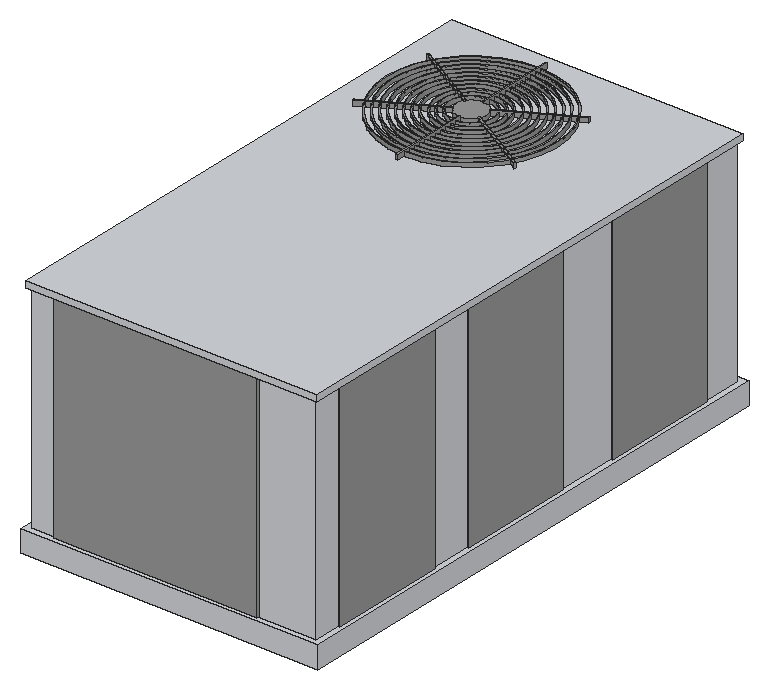
Revit family "RTU-2", category Mechanical Equipment, host Face, Revit 2025
Family settings
  Host = Face
  Round Connector Dimension = Use Diameter
  Classification = None
  Part Type = Normal
  Cut with Voids When Loaded = No
  Maintain Annotation Orientation = No
  Shared = No
  Room Calculation Point = No
Parameters (values of type "LCH 072 H4E E 1Y")
  Width = 47"
  URL = "https://tech.lennoxintl.com/C03e7o14l/VIu12Ch2uV/ehb_lch_abox_2103.pdf"
  Model = "LCH 072 H4E E 1Y"
  Manufacturer = "LENNOX"
  Length = 85 1/4"
  Grill Material = Steel, Paint Finish, Dark Gray
  Default Elevation = 48"
Reference planes (in)
  plane 1 "Center (Front/Back)": y = 0
  plane 2: z = 0
  plane 3 "Center (Left/Right)": x = 0
  plane 4: x = -30.90625
  plane 5: x = -31.90625
  plane 6: x = -32.90625
  plane 7: x = -33.90625
  plane 8: x = -34.90625
  plane 9: x = -35.90625
  plane 10: x = -36.90625
  plane 11: x = -37.90625
  plane 12: x = -38.90625
  plane 13: x = -39.90625
  plane 14: x = -40.90625
  plane 15: x = -42.34375
  plane 16: x = -41.03125
  plane 17: x = -41.90625
  plane 18: x = -41.90567
  plane 19: y = 22.75058
  plane 20: y = 21.75058
  plane 21: y = 20.75058
  plane 22: y = 19.75058
  plane 23: y = 18.75058
  plane 24: y = 17.75058
  plane 25: y = 16.75058
  plane 26: y = 15.75058
  plane 27: y = 14.75058
  plane 28: y = 13.75058
  plane 29: y = 12.75058
  plane 30: y = 11.31308
  plane 31: y = 12.62558
  plane 32: y = 11.75058
  plane 33: y = 11.75117
  plane 34: through (-19.01548, 19.50279, 94.70355) normal (0.866, 0.5, 0)
  plane 35: through (-17.13782, 18.87558, 94.70355) normal (-0.866, -0.5, 0)
  plane 36: through (6.39048, 19.50279, 94.70355) normal (0.866, -0.5, 0)
  plane 37: through (4.51282, 18.87558, 94.70355) normal (-0.866, 0.5, 0)
  plane 38: y = 38.93808
  plane 39: y = 37.62558
  plane 40: through (-19.01548, 30.74838, 94.70355) normal (-0.866, 0.5, 0)
  plane 41: through (-17.13782, 31.37558, 94.70355) normal (0.866, -0.5, 0)
  plane 42: through (6.39048, 30.74838, 94.70355) normal (-0.866, -0.5, 0)
  plane 43: through (4.51282, 31.37558, 94.70355) normal (0.866, 0.5, 0)
  plane 44: through (-34.15405, 50.35923, 110.75) normal (0.5, -0.866, 0)
  plane 45: through (-34.78125, 48.48157, 110.75) normal (-0.5, 0.866, 0)
  plane 46: through (-34.15405, 24.95327, 110.75) normal (-0.5, -0.866, 0)
  plane 47: through (-34.78125, 26.83093, 110.75) normal (0.5, 0.866, 0)
  plane 48: x = -14.71875
  plane 49: x = -16.03125
  plane 50: through (-22.90845, 50.35923, 110.75) normal (0.5, 0.866, 0)
  plane 51: through (-22.28125, 48.48157, 110.75) normal (-0.5, -0.866, 0)
  plane 52: through (-22.90845, 24.95327, 110.75) normal (-0.5, 0.866, 0)
  plane 53: through (-22.28125, 26.83093, 110.75) normal (0.5, -0.866, 0)
  plane 54: y = 16.875
  plane 55: x = 14
  plane 56: y = -16.125
  plane 57: x = 16.875
  plane 58: y = -1.875
  plane 59: x = -8.5
  plane 60: y = -32.875
  plane 61: x = -4
Forms (in)
  Extrusion 1, solid
    sketch origin (0, 0, 0) x (1, 0, 0) y (0, 1, 0)
      loop
        line (-23.5, 42.625) -> (-23.5, -42.625) -> (23.5, -42.625) -> (23.5, 42.625) -> (-23.5, 42.625)
    from 0 to 3.5
  Extrusion 2, solid, material "Steel, Paint Finish, Dark Gray" <- "Grill Material", not visible
    sketch origin (0, 0, 54.625) x (1, 0, 0) y (0, 1, 0)
      loop
        circle (-28.53125, 37.65625) r 2.375
      loop
        circle (-28.53125, 37.65625) r 3.375
      loop
        circle (-28.53125, 37.65625) r 3.5
      loop
        circle (-28.53125, 37.65625) r 4.375
      loop
        circle (-28.53125, 37.65625) r 5.25
      loop
        circle (-28.53125, 37.65625) r 4.5
      loop
        circle (-28.53125, 37.65625) r 5.375
      loop
        circle (-28.53125, 37.65625) r 6.375
      loop
        circle (-28.53125, 37.65625) r 7.375
      loop
        circle (-28.53125, 37.65625) r 9.375
      loop
        circle (-28.53125, 37.65625) r 10.375
      loop
        circle (-28.53125, 37.65625) r 11.375
      loop
        circle (-28.53125, 37.65625) r 12.375
      loop
        circle (-28.53125, 37.65625) r 12.5
      loop
        circle (-28.53125, 37.65625) r 7.5
      loop
        circle (-28.53125, 37.65625) r 9.5
      loop
        circle (-28.53125, 37.65625) r 10.5
      loop
        circle (-28.53125, 37.65625) r 11.5
      loop
        circle (-28.53125, 37.65625) r 8.375
      loop
        circle (-28.53125, 37.65625) r 8.5
      loop
        circle (-28.53125, 37.65625) r 6.5
      loop
        circle (-28.53125, 37.65625) r 13.375
      loop
        circle (-28.53125, 37.65625) r 13.5
    from 0 to 0.625
  Extrusion 3, solid, material "Steel, Paint Finish, Dark Gray" <- "Grill Material", not visible
    sketch origin (0, 0, 55.75) x (1, 0, 0) y (0, 1, 0)
      loop
        line (-43.28067, 37.78125) -> (-43.28067, 37.53125) -> (-30.90296, 37.53125)
        arc (-30.90296, 37.53125) -> (-30.90543, 37.59373) -> (-30.90625, 37.65625) r 2.375
        arc (-30.90625, 37.65625) -> (-30.90543, 37.71877) -> (-30.90296, 37.78125) r 2.375
        line (-30.90296, 37.78125) -> (-43.28067, 37.78125)
    from -1.125 to -0.3427
  Extrusion 4, solid, material "Steel, Paint Finish, Dark Gray" <- "Grill Material"
    sketch origin (31.34375, 53.65683, 38.57855) x (0, 1, 0) y (-1, 0, 0)
      loop
        circle (-28.53125, 37.65625) r 2.375
      loop
        circle (-28.53125, 37.65625) r 3.375
      loop
        circle (-28.53125, 37.65625) r 3.5
      loop
        circle (-28.53125, 37.65625) r 4.375
      loop
        circle (-28.53125, 37.65625) r 5.25
      loop
        circle (-28.53125, 37.65625) r 4.5
      loop
        circle (-28.53125, 37.65625) r 5.375
      loop
        circle (-28.53125, 37.65625) r 6.375
      loop
        circle (-28.53125, 37.65625) r 7.375
      loop
        circle (-28.53125, 37.65625) r 9.375
      loop
        circle (-28.53125, 37.65625) r 10.375
      loop
        circle (-28.53125, 37.65625) r 11.375
      loop
        circle (-28.53125, 37.65625) r 12.375
      loop
        circle (-28.53125, 37.65625) r 12.5
      loop
        circle (-28.53125, 37.65625) r 7.5
      loop
        circle (-28.53125, 37.65625) r 9.5
      loop
        circle (-28.53125, 37.65625) r 10.5
      loop
        circle (-28.53125, 37.65625) r 11.5
      loop
        circle (-28.53125, 37.65625) r 8.375
      loop
        circle (-28.53125, 37.65625) r 8.5
      loop
        circle (-28.53125, 37.65625) r 6.5
      loop
        circle (-28.53125, 37.65625) r 13.375
      loop
        circle (-28.53125, 37.65625) r 13.5
    from 0 to 0.625
  Extrusion 5, solid, material "Steel, Paint Finish, Dark Gray" <- "Grill Material"
    sketch origin (31.34375, 53.65683, 39.70355) x (0, 1, 0) y (-1, 0, 0)
      loop
        line (-43.28067, 37.78125) -> (-43.28067, 37.53125) -> (-30.90296, 37.53125)
        arc (-30.90296, 37.53125) -> (-30.90543, 37.59373) -> (-30.90625, 37.65625) r 2.375
        arc (-30.90625, 37.65625) -> (-30.90543, 37.71877) -> (-30.90296, 37.78125) r 2.375
        line (-30.90296, 37.78125) -> (-43.28067, 37.78125)
    from -1.125 to -0.3427
  Extrusion 6, solid, material "Steel, Paint Finish, Dark Gray" <- "Grill Material"
    sketch origin (37.22441, 6.77994, 39.70355) x (0.866025, 0.5, 0) y (-0.5, 0.866025, 0)
      loop
        line (-43.28067, 37.78125) -> (-43.28067, 37.53125) -> (-30.90296, 37.53125)
        arc (-30.90296, 37.53125) -> (-30.90543, 37.59373) -> (-30.90625, 37.65625) r 2.375
        arc (-30.90625, 37.65625) -> (-30.90543, 37.71877) -> (-30.90296, 37.78125) r 2.375
        line (-30.90296, 37.78125) -> (-43.28067, 37.78125)
    from -1.125 to -0.3427
  Extrusion 7, solid, material "Steel, Paint Finish, Dark Gray" <- "Grill Material"
    sketch origin (-49.84941, 6.77994, 39.70355) x (-0.866025, 0.5, 0) y (-0.5, -0.866025, 0)
      loop
        line (-43.28067, -37.78125) -> (-30.90296, -37.78125)
        arc (-30.90296, -37.78125) -> (-30.90543, -37.71877) -> (-30.90625, -37.65625) r 2.375
        arc (-30.90625, -37.65625) -> (-30.90543, -37.59373) -> (-30.90296, -37.53125) r 2.375
        line (-30.90296, -37.53125) -> (-43.28067, -37.53125) -> (-43.28067, -37.78125)
    from -1.125 to -0.3427
  Extrusion 8, solid, material "Steel, Paint Finish, Dark Gray" <- "Grill Material"
    sketch origin (31.34375, -3.40567, 39.70355) x (0, -1, 0) y (1, 0, 0)
      loop
        line (-43.28067, -37.78125) -> (-30.90296, -37.78125)
        arc (-30.90296, -37.78125) -> (-30.90543, -37.71877) -> (-30.90625, -37.65625) r 2.375
        arc (-30.90625, -37.65625) -> (-30.90543, -37.59373) -> (-30.90296, -37.53125) r 2.375
        line (-30.90296, -37.53125) -> (-43.28067, -37.53125) -> (-43.28067, -37.78125)
    from -1.125 to -0.3427
  Extrusion 9, solid, material "Steel, Paint Finish, Dark Gray" <- "Grill Material"
    sketch origin (37.22441, 43.47123, 39.70355) x (0.866025, -0.5, 0) y (0.5, 0.866025, 0)
      loop
        line (-43.28067, -37.78125) -> (-30.90296, -37.78125)
        arc (-30.90296, -37.78125) -> (-30.90543, -37.71877) -> (-30.90625, -37.65625) r 2.375
        arc (-30.90625, -37.65625) -> (-30.90543, -37.59373) -> (-30.90296, -37.53125) r 2.375
        line (-30.90296, -37.53125) -> (-43.28067, -37.53125) -> (-43.28067, -37.78125)
    from -1.125 to -0.3427
  Extrusion 10, solid, material "Steel, Paint Finish, Dark Gray" <- "Grill Material"
    sketch origin (-49.84941, 43.47123, 39.70355) x (-0.866025, -0.5, 0) y (0.5, -0.866025, 0)
      loop
        line (-43.28067, 37.78125) -> (-43.28067, 37.53125) -> (-30.90296, 37.53125)
        arc (-30.90296, 37.53125) -> (-30.90543, 37.59373) -> (-30.90625, 37.65625) r 2.375
        arc (-30.90625, 37.65625) -> (-30.90543, 37.71877) -> (-30.90296, 37.78125) r 2.375
        line (-30.90296, 37.78125) -> (-43.28067, 37.78125)
    from -1.125 to -0.3427
  Extrusion 11, solid, material "Steel, Paint Finish, Dark Gray" <- "Grill Material", not visible
    sketch origin (-46.87689, -5.88066, 55.75) x (0.5, -0.866025, 0) y (0.866025, 0.5, 0)
      loop
        line (-43.28067, 37.78125) -> (-43.28067, 37.53125) -> (-30.90296, 37.53125)
        arc (-30.90296, 37.53125) -> (-30.90543, 37.59373) -> (-30.90625, 37.65625) r 2.375
        arc (-30.90625, 37.65625) -> (-30.90543, 37.71877) -> (-30.90296, 37.78125) r 2.375
        line (-30.90296, 37.78125) -> (-43.28067, 37.78125)
    from -1.125 to -0.3427
  Extrusion 12, solid, material "Steel, Paint Finish, Dark Gray" <- "Grill Material", not visible
    sketch origin (-46.87689, 81.19316, 55.75) x (0.5, 0.866025, 0) y (-0.866025, 0.5, 0)
      loop
        line (-43.28067, -37.78125) -> (-30.90296, -37.78125)
        arc (-30.90296, -37.78125) -> (-30.90543, -37.71877) -> (-30.90625, -37.65625) r 2.375
        arc (-30.90625, -37.65625) -> (-30.90543, -37.59373) -> (-30.90296, -37.53125) r 2.375
        line (-30.90296, -37.53125) -> (-43.28067, -37.53125) -> (-43.28067, -37.78125)
    from -1.125 to -0.3427
  Extrusion 13, solid, material "Steel, Paint Finish, Dark Gray" <- "Grill Material", not visible
    sketch origin (-57.0625, 0, 55.75) x (-1, 0, 0) y (0, -1, 0)
      loop
        line (-43.28067, -37.78125) -> (-30.90296, -37.78125)
        arc (-30.90296, -37.78125) -> (-30.90543, -37.71877) -> (-30.90625, -37.65625) r 2.375
        arc (-30.90625, -37.65625) -> (-30.90543, -37.59373) -> (-30.90296, -37.53125) r 2.375
        line (-30.90296, -37.53125) -> (-43.28067, -37.53125) -> (-43.28067, -37.78125)
    from -1.125 to -0.3427
  Extrusion 14, solid, material "Steel, Paint Finish, Dark Gray" <- "Grill Material", not visible
    sketch origin (-10.18561, -5.88066, 55.75) x (-0.5, -0.866025, 0) y (0.866025, -0.5, 0)
      loop
        line (-43.28067, -37.78125) -> (-30.90296, -37.78125)
        arc (-30.90296, -37.78125) -> (-30.90543, -37.71877) -> (-30.90625, -37.65625) r 2.375
        arc (-30.90625, -37.65625) -> (-30.90543, -37.59373) -> (-30.90296, -37.53125) r 2.375
        line (-30.90296, -37.53125) -> (-43.28067, -37.53125) -> (-43.28067, -37.78125)
    from -1.125 to -0.3427
  Extrusion 15, solid, material "Steel, Paint Finish, Dark Gray" <- "Grill Material", not visible
    sketch origin (-10.18561, 81.19316, 55.75) x (-0.5, 0.866025, 0) y (-0.866025, -0.5, 0)
      loop
        line (-43.28067, 37.78125) -> (-43.28067, 37.53125) -> (-30.90296, 37.53125)
        arc (-30.90296, 37.53125) -> (-30.90543, 37.59373) -> (-30.90625, 37.65625) r 2.375
        arc (-30.90625, 37.65625) -> (-30.90543, 37.71877) -> (-30.90296, 37.78125) r 2.375
        line (-30.90296, 37.78125) -> (-43.28067, 37.78125)
    from -1.125 to -0.3427
  Extrusion 16, solid
    sketch origin (0, 0, 0) x (1, 0, 0) y (0, 1, 0)
      loop
        line (-22.5, 41.625) -> (-22.5, -41.625) -> (22.5, -41.625) -> (22.5, 41.625) -> (-22.5, 41.625)
    from 3.5 to 37.57855
  Extrusion 17, void
    sketch origin (0, 0, 0) x (1, 0, 0) y (0, 1, 0)
      loop
        line (-18.5, 7.125) -> (-18.5, -10.875) -> (1.5, -10.875) -> (1.5, 7.125) -> (-18.5, 7.125)
      loop
        line (-19, -27.375) -> (-19, -38.375) -> (11, -38.375) -> (11, -27.375) -> (-19, -27.375)
      loop
        arc (13.5, 20.875) -> (12.79289, 20.58211) -> (12.5, 19.875) r 1
        line (12.5, 19.875) -> (12.5, 13.875)
        arc (12.5, 13.875) -> (12.79289, 13.16789) -> (13.5, 12.875) r 1
        line (13.5, 12.875) -> (14.5, 12.875)
        arc (14.5, 12.875) -> (15.20711, 13.16789) -> (15.5, 13.875) r 1
        line (15.5, 13.875) -> (15.5, 19.875)
        arc (15.5, 19.875) -> (15.20711, 20.58211) -> (14.5, 20.875) r 1
        line (14.5, 20.875) -> (13.5, 20.875)
      loop
        circle (16.875, -16.125) r 1
    from 0 to 3.5
  Extrusion 18, solid
    sketch origin (0, 0, 0) x (1, 0, 0) y (0, 1, 0)
      loop
        line (-23, 42.125) -> (-23, -42.125) -> (23, -42.125) -> (23, 42.125) -> (-23, 42.125)
    from 37.57855 to 38.57855
  Extrusion 19, void
    sketch origin (0, 0, 0) x (0, 1, 0) y (0, 0, 1)
      loop
        line (39.875, 37.57855) -> (10.75738, 37.57855) -> (10.75738, 3.5) -> (39.875, 3.5) -> (39.875, 37.57855)
    from -23.5 to -21.24899
Cuts and joins
  Extrusion 17, Extrusion 19 cuts Extrusion 1
  Extrusion 17, Extrusion 19 cuts Extrusion 16
  Extrusion 19 cuts Extrusion 18
Dimensions and locks (in)
  equal spacing: Extrusion 1 sketch curve, plane 1 "Center (Front/Back)", Extrusion 1 sketch curve
  equal spacing: Extrusion 1 sketch curve, plane 3 "Center (Left/Right)", Extrusion 1 sketch curve
  "Width": Extrusion 1 sketch curve to Extrusion 1 sketch curve
  "Length": Extrusion 1 sketch curve to Extrusion 1 sketch curve
  Extrusion 1 to Extrusion 17 sketch curve = 4 1/4"
  Extrusion 1 to Extrusion 17 sketch curve = 4 1/2"
  Extrusion 1 to Extrusion 17 sketch curve = 5"
  Extrusion 1 to plane 54 = 25 3/4"
  plane 55 to Extrusion 1 = 9 1/2"
  plane 57 to Extrusion 1 = 6 5/8"
  plane 56 to Extrusion 1 = 26 1/2"
  nested 5 to level = 5 1/2"
  nested 5 to Extrusion 18 = 2"
  nested 6 to nested 5 = 18 3/8"
  cut or joined group of Extrusion 16, Extrusion 17, Extrusion 19 to cut or joined group of Extrusion 16, Extrusion 17, Extrusion 19 = 29.11762"
  equal spacing: group 3, group 4, group 5, group 6, group 7, group 8, group 9, group 10, group 11, group 12, group 13, group 14, group 15, group 16, group 17, group 18, group 19, group 20, group 21  (x2)
  equal spacing: group 21, group 20, group 19, group 18, group 17, group 16, group 15, group 14, group 13, group 12, group 11, group 10, group 9, group 8, group 7, group 6, group 5, group 4, group 3
  equal spacing: cut or joined group of Extrusion 1, Extrusion 17, Extrusion 19, plane 60, cut or joined group of Extrusion 1, Extrusion 17, Extrusion 19
  equal spacing: cut or joined group of Extrusion 1, Extrusion 17, Extrusion 19, plane 61, cut or joined group of Extrusion 1, Extrusion 17, Extrusion 19
  equal spacing: cut or joined group of Extrusion 1, Extrusion 17, Extrusion 19, plane 58, cut or joined group of Extrusion 1, Extrusion 17, Extrusion 19
  equal spacing: cut or joined group of Extrusion 1, Extrusion 17, Extrusion 19, plane 59, cut or joined group of Extrusion 1, Extrusion 17, Extrusion 19
  aligned and locked: plane 2 to host face
  aligned and locked: level to host face
Automatic sketch dimensions
  host sketch curve to host sketch curve = 96"  (x2)
  Extrusion 4 sketch curve to Extrusion 4 sketch curve = 0"  (x297)
  Extrusion 5 sketch curve to Extrusion 5 sketch curve = 2.37171"
  Extrusion 6 sketch curve to Extrusion 6 sketch curve = 2.37171"
  Extrusion 6 sketch curve to plane 34 = 0.93692"
  Extrusion 7 sketch curve to Extrusion 7 sketch curve = 2.37171"
  Extrusion 7 sketch curve to Extrusion 7 sketch curve = 0"  (x3)
  Extrusion 7 sketch curve to plane 36 = 0.93692"
  Extrusion 7 sketch curve to Extrusion 7 sketch curve = 1/8"
  Extrusion 8 sketch curve to Extrusion 8 sketch curve = 2.37171"
  Extrusion 8 sketch curve to plane 38 = 0.93692"
  Extrusion 9 sketch curve to Extrusion 9 sketch curve = 2.37171"
  Extrusion 9 sketch curve to Extrusion 9 sketch curve = 0"  (x3)
  Extrusion 9 sketch curve to plane 40 = 0.93692"
  Extrusion 9 sketch curve to Extrusion 9 sketch curve = 1/8"
  Extrusion 10 sketch curve to Extrusion 10 sketch curve = 2.37171"
  Extrusion 10 sketch curve to plane 42 = 0.93692"
  Extrusion 2 sketch curve to Extrusion 2 sketch curve = 0"  (x297)
  Extrusion 3 sketch curve to Extrusion 3 sketch curve = 2.37171"
  Extrusion 4 sketch curve to plane 19 = 2 3/8"
  Extrusion 5 sketch curve to Extrusion 5 sketch curve = 0"  (x3)
  Extrusion 5 sketch curve to plane 31 = 10.12829"
  Extrusion 6 sketch curve to Extrusion 6 sketch curve = 0"  (x3)
  Extrusion 6 sketch curve to plane 35 = 10.12829"
  Extrusion 6 sketch curve to Extrusion 6 sketch curve = 1/8"
  Extrusion 7 sketch curve to plane 37 = 10.12829"
  Extrusion 8 sketch curve to Extrusion 8 sketch curve = 0"  (x4)
  Extrusion 8 sketch curve to plane 39 = 10.12829"
  Extrusion 9 sketch curve to plane 41 = 10.12829"
  Extrusion 10 sketch curve to Extrusion 10 sketch curve = 0"  (x3)
  Extrusion 10 sketch curve to plane 43 = 10.12829"
  Extrusion 10 sketch curve to Extrusion 10 sketch curve = 1/8"
  Extrusion 5 sketch curve to plane 30 = 0.93692"
  Extrusion 5 sketch curve to Extrusion 5 sketch curve = 1/8"
  plane 33 to Extrusion 6 sketch curve = 5.89145"
  plane 33 to Extrusion 7 sketch curve = 12.29681"
  Extrusion 8 sketch curve to Extrusion 8 sketch curve = 1/8"
  plane 33 to Extrusion 9 sketch curve = 14.45202"
  plane 33 to Extrusion 10 sketch curve = 20.85738"
  Extrusion 2 sketch curve to plane 4 = 2 3/8"
  Extrusion 3 sketch curve to Extrusion 3 sketch curve = 0"  (x3)
  Extrusion 3 sketch curve to plane 16 = 10.12829"
  Extrusion 11 sketch curve to Extrusion 11 sketch curve = 0"  (x3)
  Extrusion 11 sketch curve to plane 45 = 10.12829"
  Extrusion 11 sketch curve to Extrusion 11 sketch curve = 1/8"
  Extrusion 12 sketch curve to Extrusion 12 sketch curve = 0"  (x2)
  Extrusion 12 sketch curve to plane 47 = 10.12829"
  Extrusion 13 sketch curve to Extrusion 13 sketch curve = 0"  (x4)
  Extrusion 13 sketch curve to plane 49 = 10.12829"
  Extrusion 14 sketch curve to Extrusion 14 sketch curve = 0"  (x2)
  Extrusion 14 sketch curve to plane 51 = 10.12829"
  Extrusion 15 sketch curve to Extrusion 15 sketch curve = 0"  (x3)
  Extrusion 15 sketch curve to plane 53 = 10.12829"
  Extrusion 15 sketch curve to Extrusion 15 sketch curve = 1/8"
  Extrusion 3 sketch curve to plane 15 = 0.93692"
  Extrusion 3 sketch curve to Extrusion 3 sketch curve = 1/8"
  plane 18 to Extrusion 11 sketch curve = 5.89145"
  plane 18 to Extrusion 12 sketch curve = 12.29681"
  Extrusion 13 sketch curve to Extrusion 13 sketch curve = 1/8"
  plane 18 to Extrusion 14 sketch curve = 14.45202"
  plane 18 to Extrusion 15 sketch curve = 20.85738"
  Extrusion 16 sketch curve to plane 3 "Center (Left/Right)" = 22 1/2"
  plane 3 "Center (Left/Right)" to Extrusion 16 sketch curve = 22 1/2"
  plane 1 "Center (Front/Back)" to Extrusion 16 sketch curve = 41 5/8"
  plane 33 to Extrusion 16 sketch curve = 29.87383"
  Extrusion 17 sketch curve to plane 56 = 0"
  Extrusion 17 sketch curve to plane 57 = 0"
  plane 3 "Center (Left/Right)" to Extrusion 17 sketch curve = 1 1/2"
  Extrusion 17 sketch curve to plane 55 = 3"
  Extrusion 17 sketch curve to plane 55 = 1 1/2"
  Extrusion 17 sketch curve to plane 55 = 1/2"  (x2)
  plane 55 to Extrusion 17 sketch curve = 1/2"  (x2)
  Extrusion 17 sketch curve to Extrusion 17 sketch curve = 1"
  Extrusion 17 sketch curve to plane 56 = 11 1/4"
  plane 56 to Extrusion 17 sketch curve = 5 1/4"
  Extrusion 17 sketch curve to plane 33 = 4.62617"
  plane 33 to Extrusion 17 sketch curve = 1.12383"
  plane 54 to Extrusion 17 sketch curve = 3"
  Extrusion 18 sketch curve to plane 3 "Center (Left/Right)" = 23"
  plane 3 "Center (Left/Right)" to Extrusion 18 sketch curve = 23"
  plane 1 "Center (Front/Back)" to Extrusion 18 sketch curve = 42 1/8"
  plane 33 to Extrusion 18 sketch curve = 30.37383"
  Extrusion 19 sketch curve to plane 33 = 0.99379"
  level to Extrusion 19 sketch curve = 3 1/2"
  plane 33 to Extrusion 19 sketch curve = 28.12383"
  Extrusion 19 sketch curve to Extrusion 19 sketch curve = 34.07855"
  radius of Extrusion 4 sketch curve = 2 3/8"
  radius of Extrusion 4 sketch curve = 3 3/8"
  radius of Extrusion 4 sketch curve = 3 1/2"
  radius of Extrusion 4 sketch curve = 4 3/8"
  radius of Extrusion 4 sketch curve = 5 1/4"
  radius of Extrusion 4 sketch curve = 4 1/2"
  radius of Extrusion 4 sketch curve = 5 3/8"
  radius of Extrusion 4 sketch curve = 6 3/8"
  radius of Extrusion 4 sketch curve = 7 3/8"
  radius of Extrusion 4 sketch curve = 9 3/8"
  radius of Extrusion 4 sketch curve = 10 3/8"
  radius of Extrusion 4 sketch curve = 11 3/8"
  radius of Extrusion 4 sketch curve = 12 3/8"
  radius of Extrusion 4 sketch curve = 12 1/2"
  radius of Extrusion 4 sketch curve = 7 1/2"
  radius of Extrusion 4 sketch curve = 9 1/2"
  radius of Extrusion 4 sketch curve = 10 1/2"
  radius of Extrusion 4 sketch curve = 11 1/2"
  radius of Extrusion 4 sketch curve = 8 3/8"
  radius of Extrusion 4 sketch curve = 8 1/2"
  radius of Extrusion 4 sketch curve = 6 1/2"
  radius of Extrusion 4 sketch curve = 13 3/8"
  radius of Extrusion 4 sketch curve = 13 1/2"
  radius of Extrusion 2 sketch curve = 2 3/8"
  radius of Extrusion 2 sketch curve = 3 3/8"
  radius of Extrusion 2 sketch curve = 3 1/2"
  radius of Extrusion 2 sketch curve = 4 3/8"
  radius of Extrusion 2 sketch curve = 5 1/4"
  radius of Extrusion 2 sketch curve = 4 1/2"
  radius of Extrusion 2 sketch curve = 5 3/8"
  radius of Extrusion 2 sketch curve = 6 3/8"
  radius of Extrusion 2 sketch curve = 7 3/8"
  radius of Extrusion 2 sketch curve = 9 3/8"
  radius of Extrusion 2 sketch curve = 10 3/8"
  radius of Extrusion 2 sketch curve = 11 3/8"
  radius of Extrusion 2 sketch curve = 12 3/8"
  radius of Extrusion 2 sketch curve = 12 1/2"
  radius of Extrusion 2 sketch curve = 7 1/2"
  radius of Extrusion 2 sketch curve = 9 1/2"
  radius of Extrusion 2 sketch curve = 10 1/2"
  radius of Extrusion 2 sketch curve = 11 1/2"
  radius of Extrusion 2 sketch curve = 8 3/8"
  radius of Extrusion 2 sketch curve = 8 1/2"
  radius of Extrusion 2 sketch curve = 6 1/2"
  radius of Extrusion 2 sketch curve = 13 3/8"
  radius of Extrusion 2 sketch curve = 13 1/2"
  radius of Extrusion 17 sketch curve = 1"
Nested families (in)
  nested 1: "Panel" at (22.5, -27.875, 20.53928) x (0, 1, 0) z (1, 0, 0), type "Panel"
    with Width 18 3/4", Length 34.07855"
  nested 2: "Panel" at (22.5, -2.4375, 20.53928) x (0, 1, 0) z (1, 0, 0), type "Panel"
    with Width 18 3/4", Length 34.07855"
  nested 3: "Panel" at (22.5, 26.0625, 20.53928) x (0, 1, 0) z (1, 0, 0), type "Panel"
    with Width 18 3/4", Length 34.07855"
  nested 4: "Panel" at (-2.71875, -41.625, 20.53928) x (-1, 0, 0) z (0, -1, 0), type "Panel"
    with Width 32 3/16", Length 34.07855"
  nested 5: "Panel" at (-22.5, -34.625, 20) x (0, 1, 0) z (-1, 0, 0), type "Panel"
    with Width 11", Length 29"
  nested 6: "Panel" at (-22.5, -1, 15.5) x (0, 1, 0) z (-1, 0, 0), type "Panel"
    with Width 19 1/2", Length 20"
  nested 7: "Family1" at (-21.5, 39.875, 35.95355) x (0, -1, 0) z (-1, 0, 0), type "Family1"
    with Space 233/256", built-in parameter 1001306 2.4792 (stored number, unit not read), Count 32
  nested 8: "Family1" at (-21.5, 39.875, 34.20355) x (0, -1, 0) z (-1, 0, 0), type "Family1"
    with Space 233/256", built-in parameter 1001306 2.4792 (stored number, unit not read), Count 32
  nested 9: "Family1" at (-21.5, 39.875, 32.45355) x (0, -1, 0) z (-1, 0, 0), type "Family1"
    with Space 233/256", built-in parameter 1001306 2.4792 (stored number, unit not read), Count 32
  nested 10: "Family1" at (-21.5, 39.875, 30.70355) x (0, -1, 0) z (-1, 0, 0), type "Family1"
    with Space 233/256", built-in parameter 1001306 2.4792 (stored number, unit not read), Count 32
  nested 11: "Family1" at (-21.5, 39.875, 28.95355) x (0, -1, 0) z (-1, 0, 0), type "Family1"
    with Space 233/256", built-in parameter 1001306 2.4792 (stored number, unit not read), Count 32
  nested 12: "Family1" at (-21.5, 39.875, 27.20355) x (0, -1, 0) z (-1, 0, 0), type "Family1"
    with Space 233/256", built-in parameter 1001306 2.4792 (stored number, unit not read), Count 32
  nested 13: "Family1" at (-21.5, 39.875, 25.45355) x (0, -1, 0) z (-1, 0, 0), type "Family1"
    with Space 233/256", built-in parameter 1001306 2.4792 (stored number, unit not read), Count 32
  nested 14: "Family1" at (-21.5, 39.875, 23.70355) x (0, -1, 0) z (-1, 0, 0), type "Family1"
    with Space 233/256", built-in parameter 1001306 2.4792 (stored number, unit not read), Count 32
  nested 15: "Family1" at (-21.5, 39.875, 21.95355) x (0, -1, 0) z (-1, 0, 0), type "Family1"
    with Space 233/256", built-in parameter 1001306 2.4792 (stored number, unit not read), Count 32
  nested 16: "Family1" at (-21.5, 39.875, 20.20355) x (0, -1, 0) z (-1, 0, 0), type "Family1"
    with Space 233/256", built-in parameter 1001306 2.4792 (stored number, unit not read), Count 32
  nested 17: "Family1" at (-21.5, 39.875, 18.45355) x (0, -1, 0) z (-1, 0, 0), type "Family1"
    with Space 233/256", built-in parameter 1001306 2.4792 (stored number, unit not read), Count 32
  nested 18: "Family1" at (-21.5, 39.875, 16.70355) x (0, -1, 0) z (-1, 0, 0), type "Family1"
    with Space 233/256", built-in parameter 1001306 2.4792 (stored number, unit not read), Count 32
  nested 19: "Family1" at (-21.5, 39.875, 14.95355) x (0, -1, 0) z (-1, 0, 0), type "Family1"
    with Space 233/256", built-in parameter 1001306 2.4792 (stored number, unit not read), Count 32
  nested 20: "Family1" at (-21.5, 39.875, 13.20355) x (0, -1, 0) z (-1, 0, 0), type "Family1"
    with Space 233/256", built-in parameter 1001306 2.4792 (stored number, unit not read), Count 32
  nested 21: "Family1" at (-21.5, 39.875, 11.45355) x (0, -1, 0) z (-1, 0, 0), type "Family1"
    with Space 233/256", built-in parameter 1001306 2.4792 (stored number, unit not read), Count 32
  nested 22: "Family1" at (-21.5, 39.875, 9.70355) x (0, -1, 0) z (-1, 0, 0), type "Family1"
    with Space 233/256", built-in parameter 1001306 2.4792 (stored number, unit not read), Count 32
  nested 23: "Family1" at (-21.5, 39.875, 7.95355) x (0, -1, 0) z (-1, 0, 0), type "Family1"
    with Space 233/256", built-in parameter 1001306 2.4792 (stored number, unit not read), Count 32
  nested 24: "Family1" at (-21.5, 39.875, 6.20355) x (0, -1, 0) z (-1, 0, 0), type "Family1"
    with Space 233/256", built-in parameter 1001306 2.4792 (stored number, unit not read), Count 32
  nested 25: "Family1" at (-21.5, 39.875, 4.45355) x (0, -1, 0) z (-1, 0, 0), type "Family1"
    with Space 233/256", built-in parameter 1001306 2.4792 (stored number, unit not read), Count 32
Connectors (in)
  hvac at (-8.5, -1.875, 3.5)
    settings: on cut or joined group of Extrusion 1, Extrusion 17, Extrusion 19, index 1, duct flow 0 CFM, flow factor 0, pres drop 0.00 in-wg, loss coef 0, conn angle 0.00°, conn width 20", conn height 18", conn diameter 24", duct sys type 1, conn prof type 1, flow config 0, flow direction 0, loss method 0, conn ref index -1, conn util no, is conn primary yes, conn desc "supply"
  hvac at (-4, -32.875, 3.5)
    settings: on cut or joined group of Extrusion 1, Extrusion 17, Extrusion 19, index 2, duct flow 0 CFM, flow factor 0, pres drop 0.00 in-wg, loss coef 0, conn angle 0.00°, conn width 30", conn height 11", conn diameter 24", duct sys type 2, conn prof type 1, flow config 0, flow direction 0, loss method 0, conn ref index -1, conn util no, is conn primary no, conn desc "return"
Definition of nested family "Panel"
  Parameters (values of type "Panel")
    Width [instance] = 21 9/16"
    Material = none
    Length [instance] = 49 7/16"
    Default Elevation = 48"
  Reference planes (in)
    plane 1 "Center (Front/Back)": y = 0
    plane 2: z = 0
    plane 3 "Center (Left/Right)": x = 0
    plane 4: z = 0.25
    plane 5: x = -10.78125
    plane 6: x = 10.78125
    plane 7: y = 24.71875
    plane 8: y = -24.71875
  Forms (in)
    Extrusion 1, solid
      sketch origin (0, 0, 0) x (1, 0, 0) y (0, 1, 0)
        loop
          line (-48, 48) -> (-48, -48) -> (48, -48) -> (48, 48) -> (-48, 48)
      from 0 to -12
    Extrusion 2, solid, material <- "Material"
      sketch origin (0, 0, 0) x (1, 0, 0) y (0, 1, 0)
        loop
          line (-10.78125, 24.71875) -> (-10.78125, -24.71875) -> (10.78125, -24.71875) -> (10.78125, 24.71875) -> (-10.78125, 24.71875)
      from 0 to 0.25
  Dimensions and locks (in)
    plane 4 to plane 2 = 1/4"
    equal spacing: plane 5, plane 3 "Center (Left/Right)", plane 6
    equal spacing: plane 7, plane 1 "Center (Front/Back)", plane 8
    "Length": plane 7 to plane 8
    "Width": plane 5 to plane 6
    aligned and locked: plane 2 to Extrusion 1
    aligned and locked: level to Extrusion 1
    aligned and locked: plane 4 to Extrusion 2
    aligned and locked: Extrusion 2 to plane 6
    aligned and locked: Extrusion 2 to plane 5
    aligned and locked: plane 8 to Extrusion 2
    aligned and locked: plane 7 to Extrusion 2
  Automatic sketch dimensions
    Extrusion 1 sketch curve to Extrusion 1 sketch curve = 96"  (x2)
    plane 5 to Extrusion 2 sketch curve = 0"
    Extrusion 2 sketch curve to plane 6 = 0"
    plane 1 "Center (Front/Back)" to Extrusion 2 sketch curve = 24 23/32"
    Extrusion 2 sketch curve to plane 1 "Center (Front/Back)" = 24 23/32"
Definition of nested family "Family1"
  Parameters (values of type "Family1")
    Space [instance] = 233/256"
    built-in parameter 1001306 [instance] = 51"
    Depth = 1"
    Default Elevation = 0"
    Count [instance] = rounddown([built-in parameter 1001306] / Space)  # 56
  Reference planes (in)
    plane 1 "Center (Front/Back)": y = 0
    plane 2: z = 0
    plane 3 "Left": x = 0
    plane 4 "Right": x = 51
    plane 5: y = 1.25
    plane 6: x = 0.45496
    plane 7: z = 1
    plane 8: y = 1.25
    plane 9: x = 1.36489
    plane 10: y = 1.25
    plane 11: x = 2.27481
    plane 12: y = 1.25
    plane 13: x = 3.18474
    plane 14: x = 0.90993
    plane 15: y = 1.25
    plane 16: x = 4.09467
    plane 17: y = 1.25
    plane 18: x = 5.00459
    plane 19: y = 1.25
    plane 20: x = 5.91452
    plane 21: y = 1.25
    plane 22: x = 6.82444
    plane 23: y = 1.25
    plane 24: x = 7.73437
    plane 25: y = 1.25
    plane 26: x = 8.64429
    plane 27: y = 1.25
    plane 28: x = 9.55422
    plane 29: y = 1.25
    plane 30: x = 10.46414
    plane 31: y = 1.25
    plane 32: x = 11.37407
    plane 33: y = 1.25
    plane 34: x = 12.284
    plane 35: y = 1.25
    plane 36: x = 13.19392
    plane 37: y = 1.25
    plane 38: x = 14.10385
    plane 39: y = 1.25
    plane 40: x = 15.01377
    plane 41: y = 1.25
    plane 42: x = 15.9237
    plane 43: y = 1.25
    plane 44: x = 16.83362
    plane 45: y = 1.25
    plane 46: x = 17.74355
    plane 47: y = 1.25
    plane 48: x = 18.65347
    plane 49: y = 1.25
    plane 50: x = 19.5634
    plane 51: y = 1.25
    plane 52: x = 20.47333
    plane 53: y = 1.25
    plane 54: x = 21.38325
    plane 55: y = 1.25
    plane 56: x = 22.29318
    plane 57: y = 1.25
    plane 58: x = 23.2031
    plane 59: y = 1.25
    plane 60: x = 24.11303
    plane 61: y = 1.25
    plane 62: x = 25.02295
    plane 63: y = 1.25
    plane 64: x = 25.93288
    plane 65: y = 1.25
    plane 66: x = 26.8428
    plane 67: y = 1.25
    plane 68: x = 27.75273
    plane 69: y = 1.25
    plane 70: x = 28.66266
    plane 71: y = 1.25
    plane 72: x = 29.57258
    plane 73: y = 1.25
    plane 74: x = 30.48251
    plane 75: y = 1.25
    plane 76: x = 31.39243
    plane 77: y = 1.25
    plane 78: x = 32.30236
    plane 79: y = 1.25
    plane 80: x = 33.21228
    plane 81: y = 1.25
    plane 82: x = 34.12221
    plane 83: y = 1.25
    plane 84: x = 35.03214
    plane 85: y = 1.25
    plane 86: x = 35.94206
    plane 87: y = 1.25
    plane 88: x = 36.85199
    plane 89: y = 1.25
    plane 90: x = 37.76191
    plane 91: y = 1.25
    plane 92: x = 38.67184
    plane 93: y = 1.25
    plane 94: x = 39.58176
    plane 95: y = 1.25
    plane 96: x = 40.49169
    plane 97: y = 1.25
    plane 98: x = 41.40161
    plane 99: y = 1.25
    plane 100: x = 42.31154
    plane 101: y = 1.25
    plane 102: x = 43.22147
    plane 103: y = 1.25
    plane 104: x = 44.13139
    plane 105: y = 1.25
    plane 106: x = 45.04132
    plane 107: y = 1.25
    plane 108: x = 45.95124
    plane 109: y = 1.25
    plane 110: x = 46.86117
    plane 111: y = 1.25
    plane 112: x = 47.77109
    plane 113: y = 1.25
    plane 114: x = 48.68102
    plane 115: y = 1.25
    plane 116: x = 49.59094
    plane 117: y = 1.25
    plane 118: x = 50.50087
  Forms (in)
    Extrusion 1, solid
      sketch origin (0, 0, 0) x (1, 0, 0) y (0, 1, 0)
        loop
          line (0, 0) -> (0.06651, 0) -> (0.45496, 1.06726) -> (0.84341, 0) -> (0.90993, 0) -> (0.45496, 1.25) -> (0, 0)
      from 0 to 1
    Extrusion 2, solid
      sketch origin (0.90993, 0, 0) x (1, 0, 0) y (0, 1, 0)
        loop
          line (0, 0) -> (0.06651, 0) -> (0.45496, 1.06726) -> (0.84341, 0) -> (0.90993, 0) -> (0.45496, 1.25) -> (0, 0)
      from 0 to 1
    Extrusion 3, solid
      sketch origin (1.81985, 0, 0) x (1, 0, 0) y (0, 1, 0)
        loop
          line (0, 0) -> (0.06651, 0) -> (0.45496, 1.06726) -> (0.84341, 0) -> (0.90993, 0) -> (0.45496, 1.25) -> (0, 0)
      from 0 to 1
    Extrusion 4, solid
      sketch origin (2.72978, 0, 0) x (1, 0, 0) y (0, 1, 0)
        loop
          line (0, 0) -> (0.06651, 0) -> (0.45496, 1.06726) -> (0.84341, 0) -> (0.90993, 0) -> (0.45496, 1.25) -> (0, 0)
      from 0 to 1
    Extrusion 5, solid
      sketch origin (3.6397, 0, 0) x (1, 0, 0) y (0, 1, 0)
        loop
          line (0, 0) -> (0.06651, 0) -> (0.45496, 1.06726) -> (0.84341, 0) -> (0.90993, 0) -> (0.45496, 1.25) -> (0, 0)
      from 0 to 1
    Extrusion 6, solid
      sketch origin (4.54963, 0, 0) x (1, 0, 0) y (0, 1, 0)
        loop
          line (0, 0) -> (0.06651, 0) -> (0.45496, 1.06726) -> (0.84341, 0) -> (0.90993, 0) -> (0.45496, 1.25) -> (0, 0)
      from 0 to 1
    Extrusion 7, solid
      sketch origin (5.45955, 0, 0) x (1, 0, 0) y (0, 1, 0)
        loop
          line (0, 0) -> (0.06651, 0) -> (0.45496, 1.06726) -> (0.84341, 0) -> (0.90993, 0) -> (0.45496, 1.25) -> (0, 0)
      from 0 to 1
    Extrusion 8, solid
      sketch origin (6.36948, 0, 0) x (1, 0, 0) y (0, 1, 0)
        loop
          line (0, 0) -> (0.06651, 0) -> (0.45496, 1.06726) -> (0.84341, 0) -> (0.90993, 0) -> (0.45496, 1.25) -> (0, 0)
      from 0 to 1
    Extrusion 9, solid
      sketch origin (7.2794, 0, 0) x (1, 0, 0) y (0, 1, 0)
        loop
          line (0, 0) -> (0.06651, 0) -> (0.45496, 1.06726) -> (0.84341, 0) -> (0.90993, 0) -> (0.45496, 1.25) -> (0, 0)
      from 0 to 1
    Extrusion 10, solid
      sketch origin (8.18933, 0, 0) x (1, 0, 0) y (0, 1, 0)
        loop
          line (0, 0) -> (0.06651, 0) -> (0.45496, 1.06726) -> (0.84341, 0) -> (0.90993, 0) -> (0.45496, 1.25) -> (0, 0)
      from 0 to 1
    Extrusion 11, solid
      sketch origin (9.09926, 0, 0) x (1, 0, 0) y (0, 1, 0)
        loop
          line (0, 0) -> (0.06651, 0) -> (0.45496, 1.06726) -> (0.84341, 0) -> (0.90993, 0) -> (0.45496, 1.25) -> (0, 0)
      from 0 to 1
    Extrusion 12, solid
      sketch origin (10.00918, 0, 0) x (1, 0, 0) y (0, 1, 0)
        loop
          line (0, 0) -> (0.06651, 0) -> (0.45496, 1.06726) -> (0.84341, 0) -> (0.90993, 0) -> (0.45496, 1.25) -> (0, 0)
      from 0 to 1
    Extrusion 13, solid
      sketch origin (10.91911, 0, 0) x (1, 0, 0) y (0, 1, 0)
        loop
          line (0, 0) -> (0.06651, 0) -> (0.45496, 1.06726) -> (0.84341, 0) -> (0.90993, 0) -> (0.45496, 1.25) -> (0, 0)
      from 0 to 1
    Extrusion 14, solid
      sketch origin (11.82903, 0, 0) x (1, 0, 0) y (0, 1, 0)
        loop
          line (0, 0) -> (0.06651, 0) -> (0.45496, 1.06726) -> (0.84341, 0) -> (0.90993, 0) -> (0.45496, 1.25) -> (0, 0)
      from 0 to 1
    Extrusion 15, solid
      sketch origin (12.73896, 0, 0) x (1, 0, 0) y (0, 1, 0)
        loop
          line (0, 0) -> (0.06651, 0) -> (0.45496, 1.06726) -> (0.84341, 0) -> (0.90993, 0) -> (0.45496, 1.25) -> (0, 0)
      from 0 to 1
    Extrusion 16, solid
      sketch origin (13.64888, 0, 0) x (1, 0, 0) y (0, 1, 0)
        loop
          line (0, 0) -> (0.06651, 0) -> (0.45496, 1.06726) -> (0.84341, 0) -> (0.90993, 0) -> (0.45496, 1.25) -> (0, 0)
      from 0 to 1
    Extrusion 17, solid
      sketch origin (14.55881, 0, 0) x (1, 0, 0) y (0, 1, 0)
        loop
          line (0, 0) -> (0.06651, 0) -> (0.45496, 1.06726) -> (0.84341, 0) -> (0.90993, 0) -> (0.45496, 1.25) -> (0, 0)
      from 0 to 1
    Extrusion 18, solid
      sketch origin (15.46873, 0, 0) x (1, 0, 0) y (0, 1, 0)
        loop
          line (0, 0) -> (0.06651, 0) -> (0.45496, 1.06726) -> (0.84341, 0) -> (0.90993, 0) -> (0.45496, 1.25) -> (0, 0)
      from 0 to 1
    Extrusion 19, solid
      sketch origin (16.37866, 0, 0) x (1, 0, 0) y (0, 1, 0)
        loop
          line (0, 0) -> (0.06651, 0) -> (0.45496, 1.06726) -> (0.84341, 0) -> (0.90993, 0) -> (0.45496, 1.25) -> (0, 0)
      from 0 to 1
    Extrusion 20, solid
      sketch origin (17.28859, 0, 0) x (1, 0, 0) y (0, 1, 0)
        loop
          line (0, 0) -> (0.06651, 0) -> (0.45496, 1.06726) -> (0.84341, 0) -> (0.90993, 0) -> (0.45496, 1.25) -> (0, 0)
      from 0 to 1
    Extrusion 21, solid
      sketch origin (18.19851, 0, 0) x (1, 0, 0) y (0, 1, 0)
        loop
          line (0, 0) -> (0.06651, 0) -> (0.45496, 1.06726) -> (0.84341, 0) -> (0.90993, 0) -> (0.45496, 1.25) -> (0, 0)
      from 0 to 1
    Extrusion 22, solid
      sketch origin (19.10844, 0, 0) x (1, 0, 0) y (0, 1, 0)
        loop
          line (0, 0) -> (0.06651, 0) -> (0.45496, 1.06726) -> (0.84341, 0) -> (0.90993, 0) -> (0.45496, 1.25) -> (0, 0)
      from 0 to 1
    Extrusion 23, solid
      sketch origin (20.01836, 0, 0) x (1, 0, 0) y (0, 1, 0)
        loop
          line (0, 0) -> (0.06651, 0) -> (0.45496, 1.06726) -> (0.84341, 0) -> (0.90993, 0) -> (0.45496, 1.25) -> (0, 0)
      from 0 to 1
    Extrusion 24, solid
      sketch origin (20.92829, 0, 0) x (1, 0, 0) y (0, 1, 0)
        loop
          line (0, 0) -> (0.06651, 0) -> (0.45496, 1.06726) -> (0.84341, 0) -> (0.90993, 0) -> (0.45496, 1.25) -> (0, 0)
      from 0 to 1
    Extrusion 25, solid
      sketch origin (21.83821, 0, 0) x (1, 0, 0) y (0, 1, 0)
        loop
          line (0, 0) -> (0.06651, 0) -> (0.45496, 1.06726) -> (0.84341, 0) -> (0.90993, 0) -> (0.45496, 1.25) -> (0, 0)
      from 0 to 1
    Extrusion 26, solid
      sketch origin (22.74814, 0, 0) x (1, 0, 0) y (0, 1, 0)
        loop
          line (0, 0) -> (0.06651, 0) -> (0.45496, 1.06726) -> (0.84341, 0) -> (0.90993, 0) -> (0.45496, 1.25) -> (0, 0)
      from 0 to 1
    Extrusion 27, solid
      sketch origin (23.65807, 0, 0) x (1, 0, 0) y (0, 1, 0)
        loop
          line (0, 0) -> (0.06651, 0) -> (0.45496, 1.06726) -> (0.84341, 0) -> (0.90993, 0) -> (0.45496, 1.25) -> (0, 0)
      from 0 to 1
    Extrusion 28, solid
      sketch origin (24.56799, 0, 0) x (1, 0, 0) y (0, 1, 0)
        loop
          line (0, 0) -> (0.06651, 0) -> (0.45496, 1.06726) -> (0.84341, 0) -> (0.90993, 0) -> (0.45496, 1.25) -> (0, 0)
      from 0 to 1
    Extrusion 29, solid
      sketch origin (25.47792, 0, 0) x (1, 0, 0) y (0, 1, 0)
        loop
          line (0, 0) -> (0.06651, 0) -> (0.45496, 1.06726) -> (0.84341, 0) -> (0.90993, 0) -> (0.45496, 1.25) -> (0, 0)
      from 0 to 1
    Extrusion 30, solid
      sketch origin (26.38784, 0, 0) x (1, 0, 0) y (0, 1, 0)
        loop
          line (0, 0) -> (0.06651, 0) -> (0.45496, 1.06726) -> (0.84341, 0) -> (0.90993, 0) -> (0.45496, 1.25) -> (0, 0)
      from 0 to 1
    Extrusion 31, solid
      sketch origin (27.29777, 0, 0) x (1, 0, 0) y (0, 1, 0)
        loop
          line (0, 0) -> (0.06651, 0) -> (0.45496, 1.06726) -> (0.84341, 0) -> (0.90993, 0) -> (0.45496, 1.25) -> (0, 0)
      from 0 to 1
    Extrusion 32, solid
      sketch origin (28.20769, 0, 0) x (1, 0, 0) y (0, 1, 0)
        loop
          line (0, 0) -> (0.06651, 0) -> (0.45496, 1.06726) -> (0.84341, 0) -> (0.90993, 0) -> (0.45496, 1.25) -> (0, 0)
      from 0 to 1
    Extrusion 33, solid
      sketch origin (29.11762, 0, 0) x (1, 0, 0) y (0, 1, 0)
        loop
          line (0, 0) -> (0.06651, 0) -> (0.45496, 1.06726) -> (0.84341, 0) -> (0.90993, 0) -> (0.45496, 1.25) -> (0, 0)
      from 0 to 1
    Extrusion 34, solid
      sketch origin (30.02754, 0, 0) x (1, 0, 0) y (0, 1, 0)
        loop
          line (0, 0) -> (0.06651, 0) -> (0.45496, 1.06726) -> (0.84341, 0) -> (0.90993, 0) -> (0.45496, 1.25) -> (0, 0)
      from 0 to 1
    Extrusion 35, solid
      sketch origin (30.93747, 0, 0) x (1, 0, 0) y (0, 1, 0)
        loop
          line (0, 0) -> (0.06651, 0) -> (0.45496, 1.06726) -> (0.84341, 0) -> (0.90993, 0) -> (0.45496, 1.25) -> (0, 0)
      from 0 to 1
    Extrusion 36, solid
      sketch origin (31.8474, 0, 0) x (1, 0, 0) y (0, 1, 0)
        loop
          line (0, 0) -> (0.06651, 0) -> (0.45496, 1.06726) -> (0.84341, 0) -> (0.90993, 0) -> (0.45496, 1.25) -> (0, 0)
      from 0 to 1
    Extrusion 37, solid
      sketch origin (32.75732, 0, 0) x (1, 0, 0) y (0, 1, 0)
        loop
          line (0, 0) -> (0.06651, 0) -> (0.45496, 1.06726) -> (0.84341, 0) -> (0.90993, 0) -> (0.45496, 1.25) -> (0, 0)
      from 0 to 1
    Extrusion 38, solid
      sketch origin (33.66725, 0, 0) x (1, 0, 0) y (0, 1, 0)
        loop
          line (0, 0) -> (0.06651, 0) -> (0.45496, 1.06726) -> (0.84341, 0) -> (0.90993, 0) -> (0.45496, 1.25) -> (0, 0)
      from 0 to 1
    Extrusion 39, solid
      sketch origin (34.57717, 0, 0) x (1, 0, 0) y (0, 1, 0)
        loop
          line (0, 0) -> (0.06651, 0) -> (0.45496, 1.06726) -> (0.84341, 0) -> (0.90993, 0) -> (0.45496, 1.25) -> (0, 0)
      from 0 to 1
    Extrusion 40, solid
      sketch origin (35.4871, 0, 0) x (1, 0, 0) y (0, 1, 0)
        loop
          line (0, 0) -> (0.06651, 0) -> (0.45496, 1.06726) -> (0.84341, 0) -> (0.90993, 0) -> (0.45496, 1.25) -> (0, 0)
      from 0 to 1
    Extrusion 41, solid
      sketch origin (36.39702, 0, 0) x (1, 0, 0) y (0, 1, 0)
        loop
          line (0, 0) -> (0.06651, 0) -> (0.45496, 1.06726) -> (0.84341, 0) -> (0.90993, 0) -> (0.45496, 1.25) -> (0, 0)
      from 0 to 1
    Extrusion 42, solid
      sketch origin (37.30695, 0, 0) x (1, 0, 0) y (0, 1, 0)
        loop
          line (0, 0) -> (0.06651, 0) -> (0.45496, 1.06726) -> (0.84341, 0) -> (0.90993, 0) -> (0.45496, 1.25) -> (0, 0)
      from 0 to 1
    Extrusion 43, solid
      sketch origin (38.21687, 0, 0) x (1, 0, 0) y (0, 1, 0)
        loop
          line (0, 0) -> (0.06651, 0) -> (0.45496, 1.06726) -> (0.84341, 0) -> (0.90993, 0) -> (0.45496, 1.25) -> (0, 0)
      from 0 to 1
    Extrusion 44, solid
      sketch origin (39.1268, 0, 0) x (1, 0, 0) y (0, 1, 0)
        loop
          line (0, 0) -> (0.06651, 0) -> (0.45496, 1.06726) -> (0.84341, 0) -> (0.90993, 0) -> (0.45496, 1.25) -> (0, 0)
      from 0 to 1
    Extrusion 45, solid
      sketch origin (40.03673, 0, 0) x (1, 0, 0) y (0, 1, 0)
        loop
          line (0, 0) -> (0.06651, 0) -> (0.45496, 1.06726) -> (0.84341, 0) -> (0.90993, 0) -> (0.45496, 1.25) -> (0, 0)
      from 0 to 1
    Extrusion 46, solid
      sketch origin (40.94665, 0, 0) x (1, 0, 0) y (0, 1, 0)
        loop
          line (0, 0) -> (0.06651, 0) -> (0.45496, 1.06726) -> (0.84341, 0) -> (0.90993, 0) -> (0.45496, 1.25) -> (0, 0)
      from 0 to 1
    Extrusion 47, solid
      sketch origin (41.85658, 0, 0) x (1, 0, 0) y (0, 1, 0)
        loop
          line (0, 0) -> (0.06651, 0) -> (0.45496, 1.06726) -> (0.84341, 0) -> (0.90993, 0) -> (0.45496, 1.25) -> (0, 0)
      from 0 to 1
    Extrusion 48, solid
      sketch origin (42.7665, 0, 0) x (1, 0, 0) y (0, 1, 0)
        loop
          line (0, 0) -> (0.06651, 0) -> (0.45496, 1.06726) -> (0.84341, 0) -> (0.90993, 0) -> (0.45496, 1.25) -> (0, 0)
      from 0 to 1
    Extrusion 49, solid
      sketch origin (43.67643, 0, 0) x (1, 0, 0) y (0, 1, 0)
        loop
          line (0, 0) -> (0.06651, 0) -> (0.45496, 1.06726) -> (0.84341, 0) -> (0.90993, 0) -> (0.45496, 1.25) -> (0, 0)
      from 0 to 1
    Extrusion 50, solid
      sketch origin (44.58635, 0, 0) x (1, 0, 0) y (0, 1, 0)
        loop
          line (0, 0) -> (0.06651, 0) -> (0.45496, 1.06726) -> (0.84341, 0) -> (0.90993, 0) -> (0.45496, 1.25) -> (0, 0)
      from 0 to 1
    Extrusion 51, solid
      sketch origin (45.49628, 0, 0) x (1, 0, 0) y (0, 1, 0)
        loop
          line (0, 0) -> (0.06651, 0) -> (0.45496, 1.06726) -> (0.84341, 0) -> (0.90993, 0) -> (0.45496, 1.25) -> (0, 0)
      from 0 to 1
    Extrusion 52, solid
      sketch origin (46.4062, 0, 0) x (1, 0, 0) y (0, 1, 0)
        loop
          line (0, 0) -> (0.06651, 0) -> (0.45496, 1.06726) -> (0.84341, 0) -> (0.90993, 0) -> (0.45496, 1.25) -> (0, 0)
      from 0 to 1
    Extrusion 53, solid
      sketch origin (47.31613, 0, 0) x (1, 0, 0) y (0, 1, 0)
        loop
          line (0, 0) -> (0.06651, 0) -> (0.45496, 1.06726) -> (0.84341, 0) -> (0.90993, 0) -> (0.45496, 1.25) -> (0, 0)
      from 0 to 1
    Extrusion 54, solid
      sketch origin (48.22606, 0, 0) x (1, 0, 0) y (0, 1, 0)
        loop
          line (0, 0) -> (0.06651, 0) -> (0.45496, 1.06726) -> (0.84341, 0) -> (0.90993, 0) -> (0.45496, 1.25) -> (0, 0)
      from 0 to 1
    Extrusion 55, solid
      sketch origin (49.13598, 0, 0) x (1, 0, 0) y (0, 1, 0)
        loop
          line (0, 0) -> (0.06651, 0) -> (0.45496, 1.06726) -> (0.84341, 0) -> (0.90993, 0) -> (0.45496, 1.25) -> (0, 0)
      from 0 to 1
    Extrusion 56, solid
      sketch origin (50.04591, 0, 0) x (1, 0, 0) y (0, 1, 0)
        loop
          line (0, 0) -> (0.06651, 0) -> (0.45496, 1.06726) -> (0.84341, 0) -> (0.90993, 0) -> (0.45496, 1.25) -> (0, 0)
      from 0 to 1
  Lines and regions (in)
    reference lines
      curve 1: line (0, 0, 0) -> (51, 0, 0)
  Dimensions and locks (in)
    "built-in parameter 1001306": plane 3 "Left" to plane 4 "Right"
    "Depth": plane 7 to plane 2
    equal spacing: group 1, group 2, group 3, group 4, group 5, group 6, group 7, group 8, group 9, group 10, group 11, group 12, group 13, group 14, group 15, group 16, group 17, group 18, group 19, group 20, group 21, group 22, group 23, group 24, group 25, group 26, group 27, group 28, group 29, group 30, group 31, group 32, group 33, group 34, group 35, group 36, group 37, group 38, group 39, group 40, group 41, group 42, group 43, group 44, group 45, group 46, group 47, group 48, group 49, group 50, group 51, group 52, group 53, group 54, group 55, group 56  (x3)
    plane 3 "Left" to plane 14 = 0.90993"
    aligned and locked: plane 4 "Right" to curve 1
    aligned and locked: plane 1 "Center (Front/Back)" to curve 1
    aligned and locked: plane 3 "Left" to curve 1
    aligned and locked: level to plane 2
    aligned and locked: plane 7 to Extrusion 1
  Automatic sketch dimensions
    Extrusion 1 sketch curve to plane 5 = 0"
    Extrusion 1 sketch curve to plane 6 = 0"  (x2)
    Extrusion 1 sketch curve to plane 5 = 0.18274"
    Extrusion 1 sketch curve to Extrusion 1 sketch curve = 0.06651"  (x2)
    plane 6 to Extrusion 1 sketch curve = 0.45496"
    Extrusion 1 sketch curve to plane 6 = 0.38845"
    Extrusion 1 sketch curve to Extrusion 1 sketch curve = 1.06726"
    Extrusion 1 sketch curve to Extrusion 1 sketch curve = 0"
    Extrusion 2 sketch curve to plane 8 = 0"
    Extrusion 2 sketch curve to plane 9 = 0"  (x2)
    Extrusion 2 sketch curve to plane 8 = 0.18274"
    Extrusion 2 sketch curve to Extrusion 2 sketch curve = 0.06651"  (x2)
    plane 9 to Extrusion 2 sketch curve = 0.45496"
    Extrusion 2 sketch curve to plane 9 = 0.38845"
    Extrusion 2 sketch curve to Extrusion 2 sketch curve = 1.06726"
    Extrusion 2 sketch curve to Extrusion 2 sketch curve = 0"
    Extrusion 3 sketch curve to plane 10 = 0"
    Extrusion 3 sketch curve to plane 11 = 0"  (x2)
    Extrusion 3 sketch curve to plane 10 = 0.18274"
    Extrusion 3 sketch curve to Extrusion 3 sketch curve = 0.06651"  (x2)
    plane 11 to Extrusion 3 sketch curve = 0.45496"
    Extrusion 3 sketch curve to plane 11 = 0.38845"
    Extrusion 3 sketch curve to Extrusion 3 sketch curve = 1.06726"
    Extrusion 3 sketch curve to Extrusion 3 sketch curve = 0"
    Extrusion 4 sketch curve to plane 12 = 0"
    Extrusion 4 sketch curve to plane 13 = 0"  (x2)
    Extrusion 4 sketch curve to plane 12 = 0.18274"
    Extrusion 4 sketch curve to Extrusion 4 sketch curve = 0.06651"  (x2)
    plane 13 to Extrusion 4 sketch curve = 0.45496"
    Extrusion 4 sketch curve to plane 13 = 0.38845"
    Extrusion 4 sketch curve to Extrusion 4 sketch curve = 1.06726"
    Extrusion 4 sketch curve to Extrusion 4 sketch curve = 0"
    Extrusion 5 sketch curve to plane 15 = 0"
    Extrusion 5 sketch curve to plane 16 = 0"  (x2)
    Extrusion 5 sketch curve to plane 15 = 0.18274"
    Extrusion 5 sketch curve to Extrusion 5 sketch curve = 0.06651"  (x2)
    plane 16 to Extrusion 5 sketch curve = 0.45496"
    Extrusion 5 sketch curve to plane 16 = 0.38845"
    Extrusion 5 sketch curve to Extrusion 5 sketch curve = 1.06726"
    Extrusion 5 sketch curve to Extrusion 5 sketch curve = 0"
    Extrusion 6 sketch curve to plane 17 = 0"
    Extrusion 6 sketch curve to plane 18 = 0"  (x2)
    Extrusion 6 sketch curve to plane 17 = 0.18274"
    Extrusion 6 sketch curve to Extrusion 6 sketch curve = 0.06651"  (x2)
    plane 18 to Extrusion 6 sketch curve = 0.45496"
    Extrusion 6 sketch curve to plane 18 = 0.38845"
    Extrusion 6 sketch curve to Extrusion 6 sketch curve = 1.06726"
    Extrusion 6 sketch curve to Extrusion 6 sketch curve = 0"
    Extrusion 7 sketch curve to plane 19 = 0"
    Extrusion 7 sketch curve to plane 20 = 0"  (x2)
    Extrusion 7 sketch curve to plane 19 = 0.18274"
    Extrusion 7 sketch curve to Extrusion 7 sketch curve = 0.06651"  (x2)
    plane 20 to Extrusion 7 sketch curve = 0.45496"
    Extrusion 7 sketch curve to plane 20 = 0.38845"
    Extrusion 7 sketch curve to Extrusion 7 sketch curve = 1.06726"
    Extrusion 7 sketch curve to Extrusion 7 sketch curve = 0"
    Extrusion 8 sketch curve to plane 21 = 0"
    Extrusion 8 sketch curve to plane 22 = 0"  (x2)
    Extrusion 8 sketch curve to plane 21 = 0.18274"
    Extrusion 8 sketch curve to Extrusion 8 sketch curve = 0.06651"  (x2)
    plane 22 to Extrusion 8 sketch curve = 0.45496"
    Extrusion 8 sketch curve to plane 22 = 0.38845"
    Extrusion 8 sketch curve to Extrusion 8 sketch curve = 1.06726"
    Extrusion 8 sketch curve to Extrusion 8 sketch curve = 0"
    Extrusion 9 sketch curve to plane 23 = 0"
    Extrusion 9 sketch curve to plane 24 = 0"  (x2)
    Extrusion 9 sketch curve to plane 23 = 0.18274"
    Extrusion 9 sketch curve to Extrusion 9 sketch curve = 0.06651"  (x2)
    plane 24 to Extrusion 9 sketch curve = 0.45496"
    Extrusion 9 sketch curve to plane 24 = 0.38845"
    Extrusion 9 sketch curve to Extrusion 9 sketch curve = 1.06726"
    Extrusion 9 sketch curve to Extrusion 9 sketch curve = 0"
    Extrusion 10 sketch curve to plane 25 = 0"
    Extrusion 10 sketch curve to plane 26 = 0"  (x2)
    Extrusion 10 sketch curve to plane 25 = 0.18274"
    Extrusion 10 sketch curve to Extrusion 10 sketch curve = 0.06651"  (x2)
    plane 26 to Extrusion 10 sketch curve = 0.45496"
    Extrusion 10 sketch curve to plane 26 = 0.38845"
    Extrusion 10 sketch curve to Extrusion 10 sketch curve = 1.06726"
    Extrusion 10 sketch curve to Extrusion 10 sketch curve = 0"
    Extrusion 11 sketch curve to plane 27 = 0"
    Extrusion 11 sketch curve to plane 28 = 0"  (x2)
    Extrusion 11 sketch curve to plane 27 = 0.18274"
    Extrusion 11 sketch curve to Extrusion 11 sketch curve = 0.06651"  (x2)
    plane 28 to Extrusion 11 sketch curve = 0.45496"
    Extrusion 11 sketch curve to plane 28 = 0.38845"
    Extrusion 11 sketch curve to Extrusion 11 sketch curve = 1.06726"
    Extrusion 11 sketch curve to Extrusion 11 sketch curve = 0"
    Extrusion 12 sketch curve to plane 29 = 0"
    Extrusion 12 sketch curve to plane 30 = 0"  (x2)
    Extrusion 12 sketch curve to plane 29 = 0.18274"
    Extrusion 12 sketch curve to Extrusion 12 sketch curve = 0.06651"  (x2)
    plane 30 to Extrusion 12 sketch curve = 0.45496"
    Extrusion 12 sketch curve to plane 30 = 0.38845"
    Extrusion 12 sketch curve to Extrusion 12 sketch curve = 1.06726"
    Extrusion 12 sketch curve to Extrusion 12 sketch curve = 0"
    Extrusion 13 sketch curve to plane 31 = 0"
    Extrusion 13 sketch curve to plane 32 = 0"  (x2)
    Extrusion 13 sketch curve to plane 31 = 0.18274"
    Extrusion 13 sketch curve to Extrusion 13 sketch curve = 0.06651"  (x2)
    plane 32 to Extrusion 13 sketch curve = 0.45496"
    Extrusion 13 sketch curve to plane 32 = 0.38845"
    Extrusion 13 sketch curve to Extrusion 13 sketch curve = 1.06726"
    Extrusion 13 sketch curve to Extrusion 13 sketch curve = 0"
    Extrusion 14 sketch curve to plane 33 = 0"
    Extrusion 14 sketch curve to plane 34 = 0"  (x2)
    Extrusion 14 sketch curve to plane 33 = 0.18274"
    Extrusion 14 sketch curve to Extrusion 14 sketch curve = 0.06651"  (x2)
    plane 34 to Extrusion 14 sketch curve = 0.45496"
    Extrusion 14 sketch curve to plane 34 = 0.38845"
    Extrusion 14 sketch curve to Extrusion 14 sketch curve = 1.06726"
    Extrusion 14 sketch curve to Extrusion 14 sketch curve = 0"
    Extrusion 15 sketch curve to plane 35 = 0"
    Extrusion 15 sketch curve to plane 36 = 0"  (x2)
    Extrusion 15 sketch curve to plane 35 = 0.18274"
    Extrusion 15 sketch curve to Extrusion 15 sketch curve = 0.06651"  (x2)
    plane 36 to Extrusion 15 sketch curve = 0.45496"
    Extrusion 15 sketch curve to plane 36 = 0.38845"
    Extrusion 15 sketch curve to Extrusion 15 sketch curve = 1.06726"
    Extrusion 15 sketch curve to Extrusion 15 sketch curve = 0"
    Extrusion 16 sketch curve to plane 37 = 0"
    Extrusion 16 sketch curve to plane 38 = 0"  (x2)
    Extrusion 16 sketch curve to plane 37 = 0.18274"
    Extrusion 16 sketch curve to Extrusion 16 sketch curve = 0.06651"  (x2)
    plane 38 to Extrusion 16 sketch curve = 0.45496"
    Extrusion 16 sketch curve to plane 38 = 0.38845"
